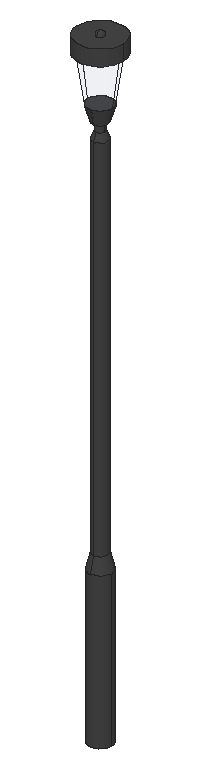
Revit family
Parameters
  Wattage = 9.2903 W
  built-in parameter 1150110 = 1 (stored number, unit not read)
  built-in parameter 1114217 = 1 (stored number, unit not read)
  built-in parameter 1150109 = 1 (stored number, unit not read)
  built-in parameter 1150134 = 3
  built-in parameter 1150113 = 1 (stored number, unit not read)
  Material Lamp Post = Paint - Black Matte
  Material Lamp Glazing = Glass
  Main Radius = Base Radius - 25 mm  # 50 mm
  built-in parameter 1150105 = 109.82 (stored number, unit not read)
  Lumens = 1380 lm
  built-in parameter 1150115 = 1 (stored number, unit not read)
  Light top radius = Light Radius + 25 mm  # 150 mm
  Light Source Symbol Size = 609.6 mm
  Light Radius = 125 mm
  built-in parameter 1150137 = (empty or 0)
  built-in parameter 1150139 = (empty or 0)
  Light Base Radius = Main Radius - 20 mm  # 30 mm
  built-in parameter 1150112 = 1 (stored number, unit not read)
  built-in parameter 1150114 = 1 (stored number, unit not read)
  Keynote = "V"
  built-in parameter 1150132 = 2
  built-in parameter 1150102 = (empty or 0)
  built-in parameter 1150107 = 3200 (stored number, unit not read)
  built-in parameter 1150138 = (empty or 0)
  built-in parameter 1150106 = 1.0982 (stored number, unit not read)
  Height = 3500 mm
  built-in parameter 1150104 = 13.8 (stored number, unit not read)
  Dimming Lamp Color Temperature Shift = (empty or 0)
  Color Filter = 16777215
  Base Radius = 75 mm
  Base Height = 1000 mm
  built-in parameter 1114218 = 1 (stored number, unit not read)
  built-in parameter 1150133 = 10 (stored number, unit not read)
Reference planes
  plane 1 "Light Source Axis (F/B)": y = 0
  plane 2: z = 0
  plane 3 "Light Source Axis (L/R)": x = 0
  plane 4 "Light Source Elevation": z = 3500
  plane 5: z = 1000
  plane 6: z = 1100
  plane 7: z = 3600
  plane 8: z = 3700
  plane 9: z = 4000
  plane 10: z = 4100
  plane 11: z = 3550
Forms (mm)
  Extrusion 1, solid, material "Paint - Black Matte" <- "Material Lamp Post"
    sketch origin (0, 0, 0) x (1, 0, 0) y (0, 1, 0)
      loop
        circle (0, 0) r 75
    from 0 to 1000
  Extrusion 2, solid, material "Paint - Black Matte" <- "Material Lamp Post"
    sketch origin (0, 0, 1000) x (0, -1, 0) y (-1, 0, 0)
      loop
        circle (0, 0) r 50
    from -100 to -2500
  Blend 3, solid, material "Paint - Black Matte" <- "Material Lamp Post"
    base sketch origin (0, 0, 1000) x (0, -1, 0) y (1, 0, 0)
      loop
        circle (0, 0) r 75
    top sketch origin (0, 0, 1000) x (0, -1, 0) y (1, 0, 0)
      loop
        circle (0, 0) r 50
    from 0 to 100
  Blend 4, solid, material "Paint - Black Matte" <- "Material Lamp Post"
    base sketch origin (0, 0, 3600) x (0, -1, 0) y (1, 0, 0)
      loop
        circle (0, 0) r 50
    top sketch origin (0, 0, 3600) x (0, -1, 0) y (1, 0, 0)
      loop
        circle (0, 0) r 80
    from 0 to 100
  Extrusion 5, solid, material "Paint - Black Matte" <- "Material Lamp Post"
    sketch origin (0, 0, 3550) x (-1, 0, 0) y (0, 1, 0)
      loop
        circle (0, 0) r 30
    from 0 to -50
  Blend 6, solid, material "Glass"
    base sketch origin (0, 0, 3700) x (-1, 0, 0) y (0, -1, 0)
      loop
        circle (0, 0) r 80
    top sketch origin (0, 0, 3700) x (-1, 0, 0) y (0, -1, 0)
      loop
        circle (0, 0) r 125
    from 0 to 300
  Extrusion 7, solid, material "Paint - Black Matte" <- "Material Lamp Post"
    sketch origin (0, 0, 4000) x (-1, 0, 0) y (0, -1, 0)
      loop
        circle (0, 0) r 150
    from 0 to 100
  Revolve 8, solid, material "Paint - Black Matte" <- "Material Lamp Post"
    sketch origin (0, 0, 0) x (0, 1, 0) y (0, 0, 1)
      loop
        line (0, 4125) -> (0, 4123)
        arc (0, 4123) -> (16.263, 4116.263) -> (23, 4100) r 23
        line (23, 4100) -> (25, 4100)
        arc (25, 4100) -> (17.678, 4117.678) -> (0, 4125) r 25
      axis (0, 4100) -> (0, 4125)
    angle from 0 to 360
  Blend 9, solid, material "Paint - Black Matte" <- "Material Lamp Post"
    base sketch origin (0, 0, 3500) x (0, -1, 0) y (1, 0, 0)
      loop
        circle (0, 0) r 50
    top sketch origin (0, 0, 3500) x (0, -1, 0) y (1, 0, 0)
      loop
        circle (0, 0) r 30
    from 0 to 50
Dimensions and locks
  "Height": plane 4 "Light Source Elevation" to plane 2
  "Base Height": plane 5 to plane 2
  locked: plane 6 to plane 5 at 100
  locked: plane 7 to plane 4 "Light Source Elevation" at 100
  locked: plane 8 to plane 7 at 100
  locked: plane 10 to plane 9 at 100
  plane 9 to plane 8 = 300 mm
  equal spacing: plane 4 "Light Source Elevation", plane 11, plane 7
  "Base Radius": radius of Extrusion 1 sketch curve
  "Main Radius": radius of Extrusion 2 sketch curve
  "Light Radius": radius of Blend 6 sketch curve
  "Light top radius": radius of Extrusion 7 sketch curve
  "Main Radius": radius of Blend 9 sketch curve
  "Light Base Radius": radius of Blend 9 sketch curve
  "Light Base Radius": radius of Extrusion 5 sketch curve
  aligned and locked: Extrusion 1 to plane 5
  aligned and locked: Extrusion 2 to plane 4 "Light Source Elevation"
  aligned and locked: plane 6 to Extrusion 2
  aligned and locked: Blend 3 sketch curve to Extrusion 1
  aligned and locked: Blend 3 sketch curve to Extrusion 2
  aligned and locked: Blend 3 to plane 6
  aligned and locked: plane 5 to Blend 3
  aligned and locked: plane 5 to Extrusion 1
  aligned and locked: Blend 4 sketch curve to Extrusion 2
  aligned and locked: plane 8 to Blend 4
  aligned and locked: Blend 4 to plane 7
  aligned and locked: Extrusion 5 to plane 7
  aligned and locked: plane 11 to Extrusion 5
  aligned and locked: plane 9 to Blend 6
  aligned and locked: Blend 6 sketch curve to Blend 4
  aligned and locked: plane 10 to Extrusion 7
  aligned and locked: Revolve 8 sketch curve to plane 1 "Light Source Axis (F/B)"
  aligned and locked: Revolve 8 sketch curve to plane 10
  aligned and locked: Revolve 8 sketch curve to Extrusion 7
  aligned and locked: Blend 9 to plane 11
  aligned and locked: plane 4 "Light Source Elevation" to Blend 9
  aligned and locked: plane 3 "Light Source Axis (L/R)" to imposter light
  aligned and locked: plane 1 "Light Source Axis (F/B)" to imposter light
  aligned and locked: plane 4 "Light Source Elevation" to imposter light
Automatic sketch dimensions
  Extrusion 1 sketch curve to plane 1 "Light Source Axis (F/B)" = 0 mm
  Extrusion 1 sketch curve to plane 3 "Light Source Axis (L/R)" = 0 mm
  Extrusion 2 sketch curve to plane 1 "Light Source Axis (F/B)" = 0 mm
  Extrusion 2 sketch curve to plane 3 "Light Source Axis (L/R)" = 0 mm
  Extrusion 5 sketch curve to plane 1 "Light Source Axis (F/B)" = 0 mm
  Extrusion 5 sketch curve to plane 3 "Light Source Axis (L/R)" = 0 mm
  Blend 6 sketch curve to plane 1 "Light Source Axis (F/B)" = 0 mm
  Blend 6 sketch curve to plane 3 "Light Source Axis (L/R)" = 0 mm
  Blend 4 sketch curve to plane 1 "Light Source Axis (F/B)" = 0 mm
  Blend 4 sketch curve to plane 3 "Light Source Axis (L/R)" = 0 mm
  Extrusion 7 sketch curve to plane 1 "Light Source Axis (F/B)" = 0 mm
  Extrusion 7 sketch curve to plane 3 "Light Source Axis (L/R)" = 0 mm
  Revolve 8 sketch curve to plane 10 = 0 mm
  Revolve 8 sketch curve to plane 1 "Light Source Axis (F/B)" = 23 mm
  Revolve 8 sketch curve to Revolve 8 sketch curve = 2 mm
  Revolve 8 sketch curve to Revolve 8 sketch curve = 10 mm
  Blend 9 sketch curve to plane 1 "Light Source Axis (F/B)" = 0 mm  (x2)
  Blend 9 sketch curve to plane 3 "Light Source Axis (L/R)" = 0 mm  (x2)
  radius of Blend 4 sketch curve = 80 mm
